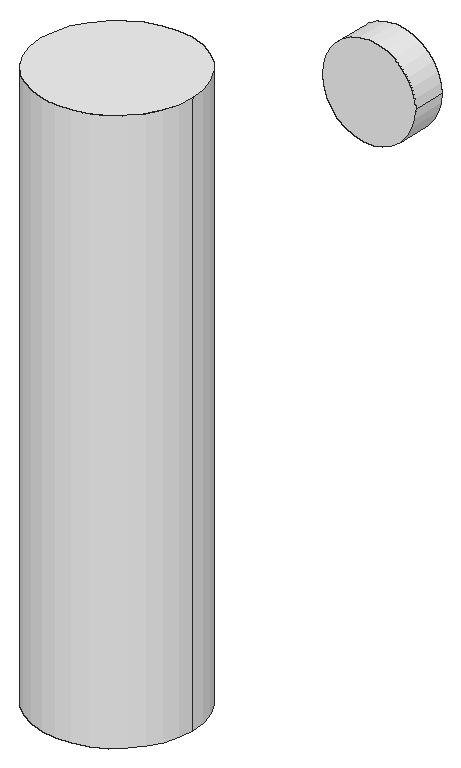
Revit family "Deca_Torneira para jardim_Torneira 1130_1130", category Plumbing Fixtures, host Face, Revit 2019 (continued)
Lines and regions (mm)
  symbolic lines
    curve 551: line (-10.582, 0, 98.73) -> (-3.843, 0, 98.73)
    curve 552: line (10.562, 0, 98.73) -> (3.831, 0, 98.73)
    curve 553: line (-0.667, 0, 100.539) -> (-0.535, 0, 98.259)
    curve 554: line (-1.806, 0, 97.132) -> (-1.55, 0, 92.852)
    curve 555: line (-3.754, 0, 92.007) -> (-1.527, 0, 92.473)
    curve 556: line (1.506, 0, 92.473) -> (3.733, 0, 92.007)
    curve 557: line (3.733, 0, 92.007) -> (5.687, 0, 95.062)
    curve 558: line (-5.708, 0, 95.062) -> (-3.754, 0, 92.007)
    curve 559: line (13.201, 0, 84.984) -> (16.742, 0, 85.762)
    curve 560: line (12.24, 0, 87.14) -> (15.448, 0, 89.985)
    curve 561: line (12.908, 0, 92.525) -> (10.063, 0, 89.317)
    curve 562: line (8.685, 0, 93.82) -> (7.906, 0, 90.278)
    curve 563: line (11.956, 0, 86.889) -> (13.201, 0, 84.984)
    curve 564: line (7.906, 0, 90.278) -> (9.811, 0, 89.033)
    curve 565: arc (1.47, 0, 91.874) -> (5.654, 0, 90.742) -> (9.413, 0, 88.584) r 16.91
    curve 566: line (9.562, 0, 86.882) -> (10.64, 0, 88.047)
    curve 567: line (10.969, 0, 87.717) -> (9.805, 0, 86.639)
    curve 568: line (15.346, 0, 91.681) -> (17.051, 0, 93.2)
    curve 569: line (14.568, 0, 92.382) -> (16.122, 0, 94.128)
    curve 570: arc (17.322, 0, 91.868) -> (17.446, 0, 91.397) -> (17.493, 0, 90.911) r 3
    curve 571: arc (13.834, 0, 94.57) -> (14.319, 0, 94.524) -> (14.791, 0, 94.399) r 3
    curve 572: line (14.221, 0, 94.006) -> (12.908, 0, 92.525)
    curve 573: line (15.448, 0, 89.985) -> (16.928, 0, 91.298)
    curve 574: arc (16.742, 0, 85.762) -> (16.196, 0, 88.078) -> (15.968, 0, 90.447) r 17.501
    curve 575: line (10.554, 0, 93.353) -> (10.554, 0, 89.87)
    curve 576: line (1.786, 0, 97.132) -> (1.904, 0, 99.108)
    curve 577: line (-1.925, 0, 99.108) -> (-1.806, 0, 97.132)
    curve 578: line (-0.181, 0, 90.754) -> (-0.243, 0, 92.362)
    curve 579: line (0.223, 0, 92.362) -> (0.161, 0, 90.754)
    curve 580: arc (-9.434, 0, 88.584) -> (-5.675, 0, 90.742) -> (-1.491, 0, 91.874) r 16.91
    curve 581: line (21.182, 0, 77.591) -> (23.461, 0, 77.723)
    curve 582: line (23.461, 0, 76.411) -> (21.182, 0, 76.543)
    curve 583: line (15.284, 0, 76.834) -> (13.696, 0, 76.895)
    curve 584: line (13.696, 0, 77.239) -> (15.284, 0, 77.3)
    curve 585: line (2.5, 0, 81.397) -> (-2.5, 0, 81.397)
    curve 586: line (5, 0, 77.067) -> (2.5, 0, 81.397)
    curve 587: line (2.5, 0, 72.737) -> (5, 0, 77.067)
    curve 588: line (-2.5, 0, 72.737) -> (2.5, 0, 72.737)
    curve 589: line (-5, 0, 77.067) -> (-2.5, 0, 72.737)
    curve 590: circle (-0.01, 0, 77.067) r 2.5 normal (0, 1, 0)
    curve 591: line (-2.5, 0, 81.397) -> (-5, 0, 77.067)
    curve 592: arc (17.963, 0, 63.428) -> (17.781, 0, 62.292) -> (17.283, 0, 61.255) r 4
    curve 593: arc (15.802, 0, 59.773) -> (14.765, 0, 59.276) -> (13.629, 0, 59.094) r 4
    curve 594: arc (17.493, 0, 63.223) -> (17.446, 0, 62.737) -> (17.322, 0, 62.266) r 3
    curve 595: arc (14.791, 0, 59.735) -> (14.319, 0, 59.61) -> (13.834, 0, 59.564) r 3
    curve 596: line (15.345, 0, 62.452) -> (17.051, 0, 60.934)
    curve 597: line (14.604, 0, 61.711) -> (16.122, 0, 60.006)
    curve 598: line (9.805, 0, 67.495) -> (10.969, 0, 66.417)
    curve 599: line (10.64, 0, 66.087) -> (9.562, 0, 67.252)
    curve 600: line (15.448, 0, 64.149) -> (12.24, 0, 66.994)
    curve 601: line (10.063, 0, 64.817) -> (12.908, 0, 61.609)
    curve 602: line (16.928, 0, 62.836) -> (15.448, 0, 64.149)
    curve 603: line (12.908, 0, 61.609) -> (14.221, 0, 60.128)
    curve 604: line (1.786, 0, 57.002) -> (1.529, 0, 61.282)
    curve 605: line (-1.55, 0, 61.282) -> (-1.806, 0, 57.002)
    curve 606: line (0.162, 0, 63.358) -> (0.223, 0, 61.773)
    curve 607: line (-0.243, 0, 61.772) -> (-0.182, 0, 63.36)
    curve 608: line (1.904, 0, 55.026) -> (1.786, 0, 57.002)
    curve 609: line (-1.806, 0, 57.002) -> (-1.925, 0, 55.026)
    curve 610: line (-7.927, 0, 63.856) -> (-9.832, 0, 65.101)
    curve 611: line (-12.261, 0, 66.994) -> (-15.469, 0, 64.149)
    curve 612: line (-10.99, 0, 66.417) -> (-9.826, 0, 67.495)
    curve 613: line (-9.583, 0, 67.252) -> (-10.661, 0, 66.087)
    curve 614: line (-14.242, 0, 60.128) -> (-12.929, 0, 61.609)
    curve 615: line (-15.469, 0, 64.149) -> (-16.949, 0, 62.836)
    curve 616: line (-20.076, 0, 78.863) -> (-22.051, 0, 78.981)
    curve 617: line (-22.051, 0, 75.153) -> (-20.076, 0, 75.271)
    curve 618: line (-23.479, 0, 77.723) -> (-21.231, 0, 77.592)
    curve 619: line (-21.202, 0, 76.543) -> (-23.42, 0, 76.414)
    curve 620: line (-15.305, 0, 77.3) -> (-13.72, 0, 77.239)
    curve 621: line (-13.72, 0, 76.895) -> (-15.305, 0, 76.834)
    curve 622: line (-9.826, 0, 86.639) -> (-10.99, 0, 87.717)
    curve 623: line (-10.661, 0, 88.047) -> (-9.583, 0, 86.882)
    curve 624: arc (23.399, 0, 76.02) -> (23.501, 0, 77.067) -> (23.399, 0, 78.115) r 5.443
    curve 625: arc (20.749, 0, 75.229) -> (21.218, 0, 77.067) -> (20.749, 0, 78.905) r 3.838
    curve 626: arc (14.797, 0, 75.586) -> (13.686, 0, 77.067) -> (14.797, 0, 78.548) r 1.542
    curve 627: arc (17.283, 0, 92.879) -> (16.615, 0, 93.692) -> (15.802, 0, 94.361) r 5.443
    curve 628: arc (15.968, 0, 90.447) -> (14.965, 0, 92.08) -> (13.223, 0, 92.881) r 3.302
    curve 629: arc (12.24, 0, 87.14) -> (10.701, 0, 87.778) -> (10.063, 0, 89.317) r 2.177
    curve 630: arc (11.507, 0, 86.49) -> (9.677, 0, 86.754) -> (9.413, 0, 88.584) r 1.543
    curve 631: line (11.507, 0, 86.49) -> (12.265, 0, 87.163)
    curve 632: line (10.063, 0, 89.317) -> (9.466, 0, 88.644)
    curve 633: line (15.346, 0, 91.681) -> (10.917, 0, 87.753)
    curve 634: line (14.568, 0, 92.382) -> (10.623, 0, 87.934)
    curve 635: line (21.182, 0, 77.591) -> (15.141, 0, 77.228)
    curve 636: line (15.284, 0, 76.834) -> (21.125, 0, 76.484)
    curve 637: arc (15.396, 0, 78.584) -> (15.282, 0, 77.067) -> (15.396, 0, 75.551) r 10.131
    curve 638: line (15.775, 0, 78.606) -> (14.877, 0, 78.552)
    curve 639: line (14.877, 0, 75.582) -> (15.775, 0, 75.528)
    curve 640: arc (17.283, 0, 61.255) -> (16.615, 0, 60.442) -> (15.802, 0, 59.773) r 5.443
    curve 641: arc (15.968, 0, 63.687) -> (15.207, 0, 61.85) -> (13.369, 0, 61.088) r 2.599
    curve 642: line (15.346, 0, 62.453) -> (10.967, 0, 66.336)
    curve 643: line (14.604, 0, 61.711) -> (10.692, 0, 66.102)
    curve 644: arc (11.507, 0, 67.644) -> (9.677, 0, 67.38) -> (9.413, 0, 65.55) r 1.543
    curve 645: line (12.24, 0, 66.994) -> (11.567, 0, 67.591)
    curve 646: line (9.466, 0, 65.49) -> (10.063, 0, 64.817)
    curve 647: arc (-0.954, 0, 53.638) -> (-0.01, 0, 53.559) -> (0.933, 0, 53.638) r 5.668
    curve 648: arc (-1.848, 0, 56.308) -> (0.027, 0, 55.846) -> (1.903, 0, 56.308) r 4.037
    curve 649: line (1.529, 0, 61.282) -> (1.47, 0, 62.26)
    curve 650: line (-1.491, 0, 62.26) -> (-1.55, 0, 61.282)
    curve 651: arc (-1.527, 0, 61.661) -> (0.005, 0, 61.775) -> (1.536, 0, 61.661) r 10.304
    curve 652: arc (1.47, 0, 62.26) -> (-0.021, 0, 63.369) -> (-1.512, 0, 62.26) r 1.557
    curve 653: line (-0.243, 0, 61.772) -> (-0.583, 0, 55.93)
    curve 654: line (0.223, 0, 61.773) -> (0.561, 0, 55.91)
    curve 655: arc (-16.14, 0, 60.01) -> (-16.63, 0, 60.447) -> (-17.068, 0, 60.938) r 5.697
    curve 656: arc (-9.832, 0, 65.101) -> (-10.824, 0, 66.254) -> (-11.977, 0, 67.245) r 10.131
    curve 657: arc (-9.434, 0, 65.55) -> (-9.697, 0, 67.38) -> (-11.527, 0, 67.644) r 1.543
    curve 658: line (-11.587, 0, 67.591) -> (-12.261, 0, 66.994)
    curve 659: line (-10.084, 0, 64.817) -> (-9.487, 0, 65.49)
    curve 660: line (-10.661, 0, 66.087) -> (-14.638, 0, 61.622)
    curve 661: line (-15.366, 0, 62.453) -> (-10.921, 0, 66.413)
    curve 662: arc (-15.989, 0, 63.687) -> (-15.228, 0, 61.85) -> (-13.39, 0, 61.088) r 2.599
    curve 663: line (-10.574, 0, 60.781) -> (-10.574, 0, 64.264)
    curve 664: arc (-15.417, 0, 75.551) -> (-15.303, 0, 77.067) -> (-15.417, 0, 78.584) r 10.131
    curve 665: arc (-23.42, 0, 78.114) -> (-23.503, 0, 77.264) -> (-23.42, 0, 76.414) r 4.417
    curve 666: line (-21.202, 0, 76.543) -> (-15.34, 0, 76.769)
    curve 667: line (-15.305, 0, 77.3) -> (-21.223, 0, 77.644)
    curve 668: arc (-14.817, 0, 75.586) -> (-13.71, 0, 77.067) -> (-14.817, 0, 78.548) r 1.543
    curve 669: arc (-20.77, 0, 78.905) -> (-21.269, 0, 77.067) -> (-20.77, 0, 75.229) r 3.63
    curve 670: arc (-15.823, 0, 94.361) -> (-16.635, 0, 93.692) -> (-17.304, 0, 92.879) r 5.443
    curve 671: arc (-15.989, 0, 90.447) -> (-15.228, 0, 92.284) -> (-13.39, 0, 93.046) r 2.599
    curve 672: arc (-11.977, 0, 86.889) -> (-10.824, 0, 87.88) -> (-9.832, 0, 89.033) r 10.131
    curve 673: arc (-9.434, 0, 88.584) -> (-9.497, 0, 86.554) -> (-11.527, 0, 86.49) r 1.483
    curve 674: line (-14.624, 0, 92.423) -> (-10.586, 0, 88.062)
    curve 675: line (-15.366, 0, 91.682) -> (-10.889, 0, 87.697)
    curve 676: arc (-1.491, 0, 91.874) -> (-0.01, 0, 90.745) -> (1.47, 0, 91.874) r 1.535
    curve 677: arc (-1.527, 0, 92.473) -> (-0.01, 0, 92.359) -> (1.506, 0, 92.473) r 10.131
    curve 678: line (1.475, 0, 91.954) -> (1.529, 0, 92.852)
    curve 679: line (-1.55, 0, 92.852) -> (-1.496, 0, 91.954)
    curve 680: line (0.514, 0, 98.259) -> (0.17, 0, 92.306)
    curve 681: line (-0.535, 0, 98.259) -> (-0.197, 0, 92.408)
    curve 682: arc (1.827, 0, 97.827) -> (0.002, 0, 98.294) -> (-1.823, 0, 97.827) r 3.799
    curve 683: arc (1.037, 0, 100.477) -> (-0.01, 0, 100.578) -> (-1.058, 0, 100.477) r 5.443
    curve 684: arc (1.779, 0, 99.789) -> (2.201, 0, 99.544) -> (2.577, 0, 99.233) r 3
    curve 685: arc (-2.598, 0, 99.233) -> (-2.221, 0, 99.544) -> (-1.8, 0, 99.789) r 3
    curve 686: arc (12.991, 0, 73.923) -> (12.894, 0, 80.136) -> (10.257, 0, 85.763) r 14.816
    curve 687: arc (10.257, 0, 85.763) -> (5.568, 0, 89.083) -> (0, 0, 90.5) r 15.739
    curve 688: arc (0, 0, 90.5) -> (-4.972, 0, 89.341) -> (-9.353, 0, 86.721) r 16.528
    curve 689: arc (-9.166, 0, 86.874) -> (-11.957, 0, 82.665) -> (-13.388, 0, 77.82) r 16.993
    curve 690: arc (-13.388, 0, 77.82) -> (-11.947, 0, 70.97) -> (-7.252, 0, 65.778) r 13.418
    curve 691: arc (-7.252, 0, 65.778) -> (0.96, 0, 63.672) -> (8.799, 0, 66.9) r 13.443
    curve 692: arc (8.799, 0, 66.9) -> (11.464, 0, 70.072) -> (12.991, 0, 73.923) r 12.948
    curve 693: arc (8.822, 0, 114.091) -> (10.227, 0, 104.792) -> (10.554, 0, 95.394) r 81.74
    curve 694: arc (-8.843, 0, 114.091) -> (-10.247, 0, 104.792) -> (-10.574, 0, 95.394) r 81.74
    curve 695: line (9.868, 0, 20.43) -> (9.868, 0, 1)
    curve 696: line (-10.574, 0, 20.43) -> (10.554, 0, 20.43)
    curve 697: line (-9.889, 0, 1) -> (-9.889, 0, 20.43)
    curve 698: line (9.868, 0, 1) -> (-9.889, 0, 1)
    curve 699: line (8.868, 0, 0) -> (9.868, 0, 1)
    curve 700: line (-9.889, 0, 1) -> (-8.889, 0, 0)
    curve 701: line (8.868, 0, 0) -> (-8.889, 0, 0)
    curve 702: line (0, 10.564, 56.757) -> (0, 10.564, 20.43)
    curve 703: line (0, -10.564, 20.43) -> (0, -10.564, 98.745)
    curve 704: line (0, 9.879, 20.43) -> (0, 9.879, 1)
    curve 705: line (0, -10.564, 20.43) -> (0, 10.564, 20.43)
    curve 706: line (0, -9.879, 1) -> (0, -9.879, 20.43)
    curve 707: line (0, 9.879, 1) -> (0, -9.879, 1)
    curve 708: line (0, 8.879, 0) -> (0, 9.879, 1)
    curve 709: line (0, -9.879, 1) -> (0, -8.879, 0)
    curve 710: line (0, 8.879, 0) -> (0, -8.879, 0)
    curve 711: arc (0, 10.564, 97.338) -> (0, 12.907, 91.681) -> (0, 18.564, 89.338) r 8
    curve 712: line (0, 22.424, 89.338) -> (0, 18.564, 89.338)
    curve 713: line (0, 32.179, 91.33) -> (0, 38.967, 87.412)
    curve 714: line (0, 32.179, 91.33) -> (0, 24.01, 91.33)
    curve 715: line (0, 23.989, 87.123) -> (0, 32.215, 87.123)
    curve 716: line (0, 23.989, 77.067) -> (0, 32.215, 77.067)
    curve 717: line (0, 32.215, 66.96) -> (0, 23.989, 66.96)
    curve 718: line (0, 32.23, 62.774) -> (0, 23.981, 62.774)
    curve 719: line (0, 38.967, 66.664) -> (0, 32.23, 62.774)
    curve 720: line (0, 22.424, 64.738) -> (0, 22.424, 89.338)
    curve 721: arc (0, 18.557, 64.738) -> (0, 12.911, 62.399) -> (0, 10.564, 56.757) r 8
    curve 722: line (0, 18.557, 64.738) -> (0, 22.424, 64.738)
    curve 723: line (0, 39.466, 71.058) -> (0, 42.954, 71.058)
    curve 724: line (0, 42.954, 83.017) -> (0, 39.466, 83.017)
    curve 725: line (0, 42.954, 71.058) -> (0, 42.954, 77.038)
    curve 726: line (0, 42.954, 77.038) -> (0, 42.954, 83.017)
    curve 727: line (0, 39.466, 67.527) -> (0, 39.466, 86.549)
    curve 728: line (0, 38.967, 87.412) -> (0, 38.967, 66.664)
    curve 729: arc (0, 38.967, 66.664) -> (0, 39.332, 67.028) -> (0, 39.466, 67.527) r 0.997
    curve 730: arc (0, 39.466, 86.549) -> (0, 39.332, 87.047) -> (0, 38.967, 87.412) r 0.997
    curve 731: line (0, 22.424, 89.744) -> (0, 24.01, 91.33)
    curve 732: line (0, 48.169, 70.023) -> (0, 43.567, 70.588)
    curve 733: line (0, 43.567, 83.487) -> (0, 48.169, 84.052)
    curve 734: line (0, 43.723, 83.463) -> (0, 43.723, 70.563)
    curve 735: line (0, 43.567, 70.588) -> (0, 43.567, 83.487)
    curve 736: line (0, 48.169, 100.533) -> (0, 48.169, 53.583)
    curve 737: arc (0, 57.758, 98.266) -> (0, 54.624, 99.869) -> (0, 51.167, 100.533) r 12.493
    curve 738: line (0, 48.169, 99.421) -> (0, 50.668, 99.421)
    curve 739: arc (0, 57.001, 97.132) -> (0, 54.501, 98.454) -> (0, 51.749, 99.107) r 11.191
    curve 740: arc (0, 59.59, 95.314) -> (0, 58.952, 96.963) -> (0, 57.758, 98.266) r 4.772
    curve 741: line (0, 50.853, 95.04) -> (0, 48.169, 95.04)
    curve 742: line (0, 48.169, 93.909) -> (0, 50.877, 93.909)
    curve 743: line (0, 50.877, 93.436) -> (0, 48.169, 93.436)
    curve 744: line (0, 48.169, 90.706) -> (0, 50.668, 90.706)
    curve 745: line (0, 50.668, 80.132) -> (0, 48.169, 80.132)
    curve 746: line (0, 50.877, 76.732) -> (0, 48.169, 76.732)
    curve 747: line (0, 48.169, 77.402) -> (0, 50.876, 77.402)
    curve 748: line (0, 48.169, 74.002) -> (0, 51.238, 74.002)
    curve 749: line (0, 51.238, 63.428) -> (0, 48.169, 63.428)
    curve 750: line (0, 48.169, 60.698) -> (0, 50.877, 60.698)
    curve 751: line (0, 50.877, 60.225) -> (0, 48.169, 60.225)
    curve 752: line (0, 48.169, 59.094) -> (0, 51.387, 59.094)
    curve 753: line (0, 51.238, 54.713) -> (0, 48.169, 54.713)
    curve 754: arc (0, 51.238, 53.605) -> (0, 54.66, 54.278) -> (0, 57.762, 55.87) r 12.491
    curve 755: arc (0, 57.762, 55.87) -> (0, 58.96, 57.183) -> (0, 59.594, 58.842) r 4.771
    curve 756: arc (0, 56.998, 57) -> (0, 58.274, 58.958) -> (0, 58.02, 61.282) r 3.472
    curve 757: line (0, 54.193, 56.308) -> (0, 52.598, 56.308)
    curve 758: line (0, 53.082, 57.808) -> (0, 52.598, 56.308)
    curve 759: line (0, 52.598, 56.308) -> (0, 51.749, 55.027)
    curve 760: arc (0, 51.749, 55.027) -> (0, 54.499, 55.679) -> (0, 56.998, 57) r 11.191
    curve 761: line (0, 54.169, 60.071) -> (0, 53.339, 59.056)
    curve 762: line (0, 56.262, 69.369) -> (0, 56.544, 67.644)
    curve 763: line (0, 56.156, 71.241) -> (0, 56.262, 69.369)
    curve 764: line (0, 56.232, 73.217) -> (0, 56.156, 71.241)
    curve 765: line (0, 56.486, 75.247) -> (0, 56.232, 73.217)
    curve 766: line (0, 55.852, 69.15) -> (0, 53.352, 68.372)
    curve 767: line (0, 53.352, 71.37) -> (0, 55.852, 73.323)
    curve 768: line (0, 55.852, 73.323) -> (0, 53.809, 73.635)
    curve 769: arc (0, 53.352, 71.37) -> (0, 53.11, 73.269) -> (0, 52.634, 75.123) r 15.402
    curve 770: line (0, 56.749, 64.98) -> (0, 56.749, 67.138)
    curve 771: line (0, 57.39, 66.699) -> (0, 57.39, 65.07)
    curve 772: line (0, 56.147, 67.245) -> (0, 55.852, 69.15)
    curve 773: line (0, 53.082, 66.032) -> (0, 52.598, 63.687)
    curve 774: line (0, 53.352, 68.372) -> (0, 53.245, 67.207)
    curve 775: line (0, 53.245, 67.207) -> (0, 53.082, 66.032)
    curve 776: arc (0, 54.193, 56.308) -> (0, 55.43, 56.857) -> (0, 56.586, 57.562) r 10.488
    curve 777: line (0, 53.809, 73.635) -> (0, 53.138, 73.11)
    curve 778: line (0, 51.565, 64.861) -> (0, 51.238, 63.428)
    curve 779: line (0, 51.807, 66.303) -> (0, 51.565, 64.861)
    curve 780: line (0, 51.955, 67.735) -> (0, 51.807, 66.303)
    curve 781: line (0, 51.955, 70.478) -> (0, 52.005, 69.134)
    curve 782: line (0, 52.005, 69.134) -> (0, 51.955, 67.735)
    curve 783: line (0, 51.565, 72.927) -> (0, 51.807, 71.748)
    curve 784: line (0, 51.807, 71.748) -> (0, 51.955, 70.478)
    curve 785: line (0, 51.238, 74.002) -> (0, 51.565, 72.927)
    curve 786: arc (0, 52.621, 78.972) -> (0, 53.106, 80.845) -> (0, 53.352, 82.764) r 15.402
    curve 787: line (0, 55.852, 80.811) -> (0, 53.352, 82.764)
    curve 788: line (0, 55.852, 80.811) -> (0, 53.809, 80.499)
    curve 789: line (0, 53.809, 80.499) -> (0, 53.138, 81.024)
    curve 790: line (0, 51.487, 79.654) -> (0, 51.836, 80.799)
    curve 791: line (0, 51.016, 81.205) -> (0, 50.668, 80.132)
    curve 792: line (0, 51.836, 80.799) -> (0, 52.093, 82.054)
    curve 793: line (0, 52.093, 82.054) -> (0, 52.25, 83.406)
    curve 794: line (0, 52.25, 83.406) -> (0, 52.303, 84.837)
    curve 795: line (0, 52.303, 84.837) -> (0, 52.25, 86.326)
    curve 796: line (0, 52.25, 86.326) -> (0, 52.093, 87.85)
    curve 797: line (0, 52.093, 87.85) -> (0, 51.836, 89.386)
    curve 798: line (0, 51.836, 89.386) -> (0, 51.487, 90.911)
    curve 799: arc (0, 51.341, 91.868) -> (0, 51.389, 91.386) -> (0, 51.487, 90.911) r 4.56
    curve 800: line (0, 50.668, 90.706) -> (0, 51.016, 89.276)
    curve 801: line (0, 51.016, 89.276) -> (0, 51.273, 87.834)
    curve 802: line (0, 51.273, 87.834) -> (0, 51.431, 86.401)
    curve 803: line (0, 51.431, 86.401) -> (0, 51.484, 85)
    curve 804: line (0, 51.273, 82.383) -> (0, 51.016, 81.205)
    curve 805: line (0, 51.431, 83.654) -> (0, 51.273, 82.383)
    curve 806: line (0, 51.484, 85) -> (0, 51.431, 83.654)
    curve 807: line (0, 56.232, 80.916) -> (0, 56.486, 78.887)
    curve 808: line (0, 56.156, 82.893) -> (0, 56.232, 80.916)
    curve 809: line (0, 56.544, 86.49) -> (0, 56.262, 84.765)
    curve 810: line (0, 56.262, 84.765) -> (0, 56.156, 82.893)
    curve 811: line (0, 56.093, 78.908) -> (0, 55.852, 80.811)
    curve 812: line (0, 55.852, 73.323) -> (0, 56.094, 75.239)
    curve 813: line (0, 52.598, 90.447) -> (0, 53.082, 88.102)
    curve 814: line (0, 53.082, 88.102) -> (0, 53.245, 86.927)
    curve 815: line (0, 53.245, 86.927) -> (0, 53.352, 85.762)
    curve 816: line (0, 53.352, 85.762) -> (0, 55.852, 84.984)
    curve 817: line (0, 55.852, 84.984) -> (0, 56.147, 86.889)
    curve 818: line (0, 56.749, 86.996) -> (0, 56.749, 89.154)
    curve 819: line (0, 57.39, 88.966) -> (0, 57.39, 87.347)
    curve 820: line (0, 53.809, 89.713) -> (0, 55.298, 90.125)
    curve 821: line (0, 53.291, 90.447) -> (0, 53.809, 89.713)
    curve 822: line (0, 52.598, 90.447) -> (0, 54.193, 90.447)
    curve 823: line (0, 51.749, 91.298) -> (0, 52.598, 90.447)
    curve 824: line (0, 52.598, 97.827) -> (0, 53.139, 96.147)
    curve 825: line (0, 53.352, 95.062) -> (0, 54.169, 94.063)
    curve 826: line (0, 51.749, 99.107) -> (0, 52.598, 97.827)
    curve 827: line (0, 50.668, 99.421) -> (0, 51.016, 98.471)
    curve 828: line (0, 51.016, 98.471) -> (0, 51.273, 97.609)
    curve 829: line (0, 52.25, 96.5) -> (0, 52.093, 97.303)
    curve 830: line (0, 52.093, 97.303) -> (0, 51.836, 98.22)
    curve 831: line (0, 51.836, 98.22) -> (0, 51.487, 99.233)
    curve 832: arc (0, 56.586, 96.572) -> (0, 55.43, 97.277) -> (0, 54.193, 97.827) r 10.488
    curve 833: line (0, 52.598, 97.827) -> (0, 54.193, 97.827)
    curve 834: arc (0, 57.39, 93.238) -> (0, 57.59, 93.793) -> (0, 57.668, 94.378) r 2.777
    curve 835: line (0, 51.565, 55.665) -> (0, 51.238, 54.713)
    curve 836: line (0, 51.807, 56.526) -> (0, 51.565, 55.665)
    curve 837: arc (0, 56.586, 96.572) -> (0, 57.397, 95.608) -> (0, 57.668, 94.378) r 2.64
    curve 838: arc (0, 57.001, 97.132) -> (0, 54.5, 98.454) -> (0, 51.749, 99.107) r 11.191
    curve 839: arc (0, 57.001, 97.132) -> (0, 58.311, 95.219) -> (0, 58.05, 92.915) r 3.318
    curve 840: arc (0, 57.041, 86.218) -> (0, 59.385, 87.816) -> (0, 59.505, 90.651) r 3.163
    curve 841: arc (0, 59.505, 90.651) -> (0, 59.223, 91.217) -> (0, 58.896, 91.76) r 7.937
    curve 842: arc (0, 58.896, 91.76) -> (0, 59.581, 93.471) -> (0, 59.59, 95.314) r 4.936
    curve 843: arc (0, 51.603, 93.177) -> (0, 54.757, 92.736) -> (0, 57.749, 91.645) r 15.131
    curve 844: arc (0, 57.749, 91.645) -> (0, 58.929, 90.802) -> (0, 59.772, 89.621) r 4.413
    curve 845: arc (0, 58.896, 91.76) -> (0, 55.477, 93.657) -> (0, 51.646, 94.439) r 12.849
    curve 846: arc (0, 53.352, 95.062) -> (0, 53.278, 95.611) -> (0, 53.139, 96.147) r 4.688
    curve 847: arc (0, 51.749, 91.298) -> (0, 54.435, 90.863) -> (0, 57.041, 90.077) r 20.605
    curve 848: arc (0, 57.041, 90.077) -> (0, 58.377, 88.147) -> (0, 57.041, 86.218) r 2.061
    curve 849: arc (0, 59.654, 77.464) -> (0, 59.381, 78.167) -> (0, 58.814, 78.664) r 1.584
    curve 850: arc (0, 59.474, 76.026) -> (0, 59.042, 75.596) -> (0, 58.462, 75.407) r 1.315
    curve 851: arc (0, 59.654, 77.464) -> (0, 59.672, 76.731) -> (0, 59.474, 76.026) r 2.459
    curve 852: arc (0, 56.486, 75.247) -> (0, 57.476, 75.296) -> (0, 58.462, 75.407) r 16.162
    curve 853: arc (0, 58.814, 78.664) -> (0, 57.657, 78.847) -> (0, 56.486, 78.887) r 9.561
    curve 854: arc (0, 56.486, 75.247) -> (0, 54.152, 75.184) -> (0, 51.819, 75.084) r 142.549
    curve 855: arc (0, 56.704, 78.89) -> (0, 54.175, 78.951) -> (0, 51.645, 78.979) r 191.169
    curve 856: arc (0, 57.377, 78.869) -> (0, 57.805, 77.079) -> (0, 57.377, 75.289) r 3.961
    curve 857: line (0, 59.654, 77.464) -> (0, 57.72, 77.599)
    curve 858: line (0, 59.672, 76.731) -> (0, 57.647, 76.554)
    curve 859: line (0, 57.72, 77.599) -> (0, 51.327, 77.749)
    curve 860: line (0, 57.647, 76.554) -> (0, 51.238, 76.415)
    curve 861: arc (0, 50.668, 80.132) -> (0, 50.53, 79.152) -> (0, 50.53, 78.162) r 7.076
    curve 862: arc (0, 51.238, 74.002) -> (0, 51.022, 75.209) -> (0, 51.238, 76.415) r 3.475
    curve 863: arc (0, 51.327, 77.749) -> (0, 51.002, 78.098) -> (0, 50.53, 78.162) r 0.707
    curve 864: arc (0, 51.819, 75.084) -> (0, 51.294, 75.301) -> (0, 51.077, 75.826) r 0.742
    curve 865: arc (0, 51.327, 77.749) -> (0, 50.793, 77.114) -> (0, 51.238, 76.415) r 0.701
    curve 866: arc (0, 51.487, 79.654) -> (0, 51.441, 79.202) -> (0, 51.227, 78.801) r 1.173
    curve 867: arc (0, 51.227, 78.801) -> (0, 50.931, 78.445) -> (0, 50.575, 78.149) r 2.512
    curve 868: arc (0, 51.487, 79.654) -> (0, 51.142, 80.004) -> (0, 50.668, 80.132) r 0.942
    curve 869: arc (0, 56.586, 57.562) -> (0, 57.569, 59.152) -> (0, 57.36, 61.01) r 2.862
    curve 870: arc (0, 53.082, 57.808) -> (0, 53.244, 58.425) -> (0, 53.339, 59.056) r 5.887
    curve 871: arc (0, 51.807, 56.526) -> (0, 51.881, 57.856) -> (0, 51.387, 59.094) r 3.083
    curve 872: arc (0, 59.445, 66.281) -> (0, 59.677, 64.821) -> (0, 59.445, 63.361) r 4.712
    curve 873: arc (0, 59.445, 63.361) -> (0, 59.217, 62.847) -> (0, 58.888, 62.39) r 2.745
    curve 874: arc (0, 58.888, 62.39) -> (0, 59.577, 60.683) -> (0, 59.594, 58.842) r 4.946
    curve 875: arc (0, 59.445, 66.281) -> (0, 58.481, 67.559) -> (0, 56.935, 67.974) r 2.461
    curve 876: arc (0, 56.935, 67.974) -> (0, 56.311, 71.597) -> (0, 56.698, 75.252) r 13.357
    curve 877: arc (0, 58.888, 62.39) -> (0, 55.066, 60.627) -> (0, 50.877, 60.225) r 12.567
    curve 878: arc (0, 58.02, 61.282) -> (0, 58.604, 61.566) -> (0, 59.194, 61.84) r 34.973
    curve 879: arc (0, 58.02, 61.282) -> (0, 54.671, 60.18) -> (0, 51.178, 59.702) r 19.374
    curve 880: arc (0, 59.669, 64.55) -> (0, 58.803, 63.246) -> (0, 57.499, 62.379) r 3.96
    curve 881: arc (0, 57.499, 62.379) -> (0, 54.37, 61.416) -> (0, 51.119, 61.02) r 18.472
    curve 882: arc (0, 56.544, 67.644) -> (0, 57.604, 67.33) -> (0, 58.261, 66.442) r 1.74
    curve 883: arc (0, 58.261, 66.442) -> (0, 58.162, 65.038) -> (0, 57.117, 64.097) r 1.879
    curve 884: arc (0, 57.117, 64.097) -> (0, 54.484, 63.316) -> (0, 51.776, 62.864) r 22.39
    curve 885: arc (0, 51.776, 62.864) -> (0, 51.299, 61.995) -> (0, 51.119, 61.02) r 3.102
    curve 886: arc (0, 51.238, 63.428) -> (0, 51.03, 62.066) -> (0, 50.877, 60.698) r 34.229
    curve 887: arc (0, 56.872, 64.009) -> (0, 57.722, 62.992) -> (0, 57.695, 61.666) r 1.89
    curve 888: arc (0, 56.749, 67.138) -> (0, 57.673, 65.884) -> (0, 56.749, 64.63) r 1.313
    curve 889: arc (0, 56.749, 64.63) -> (0, 54.751, 63.816) -> (0, 52.598, 63.687) r 6.622
    curve 890: line (0, 55.296, 64.009) -> (0, 53.809, 64.421)
    curve 891: line (0, 53.809, 64.421) -> (0, 53.291, 63.687)
    curve 892: line (0, 52.598, 63.687) -> (0, 51.776, 62.864)
    curve 893: line (0, 56.998, 57) -> (0, 57.787, 55.888)
    curve 894: arc (0, 51.238, 54.713) -> (0, 51.14, 54.159) -> (0, 51.238, 53.605) r 1.614
    curve 895: arc (0, 51.238, 53.605) -> (0, 51.408, 54.348) -> (0, 51.644, 55.073) r 8.405
    curve 896: line (0, 48.169, 53.583) -> (0, 51.39, 53.583)
    curve 897: arc (0, 50.877, 60.225) -> (0, 50.966, 59.637) -> (0, 51.206, 59.094) r 2.257
    curve 898: line (0, 57.001, 97.132) -> (0, 57.79, 98.244)
    curve 899: arc (0, 51.749, 99.107) -> (0, 51.321, 99.822) -> (0, 50.888, 100.533) r 99.025
    curve 900: arc (0, 50.668, 99.421) -> (0, 50.504, 99.974) -> (0, 50.359, 100.533) r 17.238
    curve 901: line (0, 51.167, 100.533) -> (0, 48.169, 100.533)
    curve 902: arc (0, 51.273, 97.609) -> (0, 51.358, 96.277) -> (0, 50.853, 95.04) r 2.978
    curve 903: arc (0, 58.05, 92.915) -> (0, 57.788, 91.414) -> (0, 57.214, 90.002) r 7.161
    curve 904: arc (0, 52.25, 96.5) -> (0, 52.199, 95.396) -> (0, 51.646, 94.439) r 2.33
    curve 905: arc (0, 50.668, 90.706) -> (0, 50.564, 91.789) -> (0, 50.668, 92.871) r 5.694
    curve 906: arc (0, 50.668, 92.871) -> (0, 51.083, 92.422) -> (0, 51.341, 91.868) r 1.991
    curve 907: arc (0, 57.041, 86.218) -> (0, 56.418, 82.568) -> (0, 56.811, 78.887) r 13.49
    curve 908: arc (0, 32.215, 66.96) -> (0, 34.08, 72.014) -> (0, 32.215, 77.067) r 7.78
    curve 909: arc (0, 32.215, 77.067) -> (0, 34.016, 82.095) -> (0, 32.215, 87.123) r 7.922
    curve 910: arc (0, 23.989, 66.96) -> (0, 22.838, 72.014) -> (0, 23.989, 77.067) r 11.663
    curve 911: arc (0, 23.989, 77.067) -> (0, 22.938, 82.095) -> (0, 23.989, 87.123) r 12.549
    curve 912: arc (0, 32.215, 66.96) -> (0, 33.335, 66.251) -> (0, 34.044, 65.132) r 3.026
    curve 913: arc (0, 34.044, 65.132) -> (0, 34.075, 64.283) -> (0, 33.612, 63.572) r 1.405
    curve 914: line (0, 23.981, 62.774) -> (0, 22.424, 64.331)
    curve 915: arc (0, 23.989, 66.96) -> (0, 23.344, 66.246) -> (0, 22.887, 65.399) r 4.011
    curve 916: arc (0, 22.887, 65.399) -> (0, 23.151, 63.968) -> (0, 23.981, 62.774) r 3.451
    curve 917: arc (0, 32.215, 87.123) -> (0, 32.939, 87.674) -> (0, 33.62, 88.277) r 12.112
    curve 918: arc (0, 33.62, 88.277) -> (0, 33.917, 89.664) -> (0, 33.081, 90.81) r 1.737
    curve 919: arc (0, 23.989, 87.123) -> (0, 23.59, 87.729) -> (0, 23.158, 88.311) r 12.866
    curve 920: arc (0, 23.158, 88.311) -> (0, 23.022, 89.979) -> (0, 24.01, 91.33) r 2.401
    curve 921: line (0, -22.995, 131.003) -> (0, -26.79, 118.613)
    curve 922: line (0, -30.152, 105.048) -> (0, -21.985, 131.736)
    curve 923: line (0, -26.79, 118.613) -> (0, -30.579, 106.22)
    curve 924: line (0, -22.995, 131.003) -> (0, -21.985, 131.736)
    curve 925: line (0, -21.985, 131.736) -> (0, -16.93, 130.188)
    curve 926: line (0, -15.627, 127.969) -> (0, -16.93, 130.188)
    curve 927: line (0, -16.93, 130.188) -> (0, -25.096, 103.502)
    curve 928: line (0, -25.096, 103.502) -> (0, -30.152, 105.048)
    curve 929: line (0, -30.579, 106.22) -> (0, -30.152, 105.048)
    curve 930: line (0, -25.096, 103.502) -> (0, -22.774, 104.611)
    curve 931: line (0, -22.774, 104.611) -> (0, -15.627, 127.969)
    curve 932: line (0, -22.774, 104.611) -> (0, -21.675, 106.375)
    curve 933: line (0, -21.675, 106.375) -> (0, -15.703, 125.893)
    curve 934: line (0, -19.391, 107.229) -> (0, -14.226, 124.123)
    curve 935: line (0, -14.462, 105.487) -> (0, -19.391, 107.229)
    curve 936: arc (0, -19.391, 107.229) -> (0, -20.678, 107.191) -> (0, -21.675, 106.375) r 1.999
    curve 937: arc (0, -14.462, 105.487) -> (0, -11.609, 102.639) -> (0, -10.564, 98.745) r 7.779
    curve 938: line (0, -15.703, 125.893) -> (0, -15.627, 127.969)
    curve 939: arc (0, -15.703, 125.893) -> (0, -15.212, 124.801) -> (0, -14.226, 124.123) r 2.218
    curve 940: line (0, -0.053, 117.757) -> (0, 1.64, 116.478)
    curve 941: arc (0, -0.053, 117.757) -> (0, -6.911, 121.451) -> (0, -14.226, 124.123) r 54.176
    curve 942: arc (0, 10.564, 97.338) -> (0, 8.483, 108.018) -> (0, 1.64, 116.478) r 22.535
    curve 943: line (0, 10.564, 97.338) -> (0, 0, 77.035)
    curve 944: line (0, 0, 77.035) -> (0, 10.564, 56.757)
    curve 945: line (0, -0.313, 77.035) -> (0, 18.26, 89.343)
    curve 946: line (0, 0, 77.035) -> (0, 18.557, 64.738)
Dimensions and locks
  aligned and locked: plane 2 to host face
  aligned and locked: level to host face
Connectors
  piping at (0.077, 0.023, 0), diameter 15, driven by "Raio Água Fria"
    settings: on free form element, index 1, connector inside diameter 609.6 mm, connector length 0 mm, flow factor 0, pipe flow 0.0 L/s, pressure drop 0.0 Pa, fitting loss kfactor 0, connector angle 0.00°, fixture units 0, engagement length 0 mm, angle of deflection 0.00°, flow configuration 3, flow direction 1, fitting loss method 4, system type 20, joint type 0, gender type 0, connector reference index -1, connector utility 0, adjustable connector no, is connector primary yes, connector description ""
Types (2, lengths in mm): name | Peso Líquido (Kg) | Model | Material | Cor Principal
  1130.BC_Cromado | 0.347 | "1130.BC" | Deca_Cromado | "Cromado"
  1130.B_Bruto | 0.352 | "1130.B" | Deca_Bruta | "Bruto"
